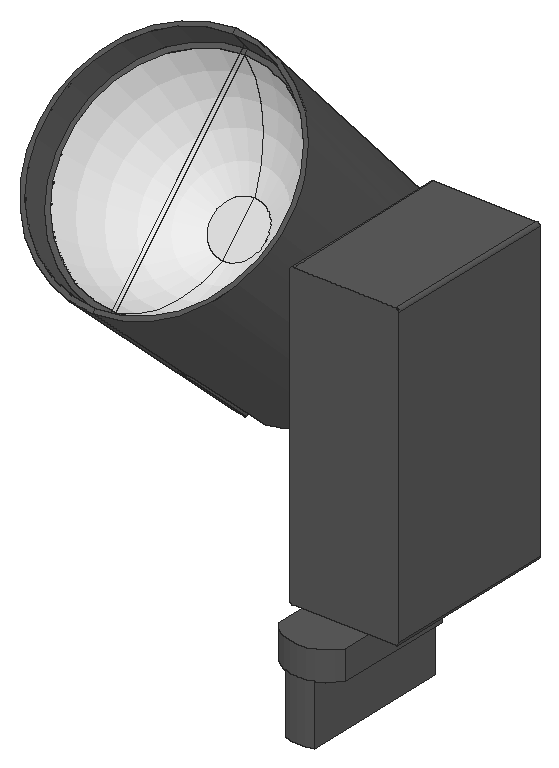
Revit family "0004894 Feilo Sylvania Lighting Fixture START TRACK SPOT L 55W 3K RA90 WB BLACK", category Lighting Fixtures, host Face, Revit 2017 (continued)
Definition of nested family "Start Track Spot Head"
  Types (96, lengths in mm): name | Wattage | built-in parameter 1150134 | Photometric Web File | Model | built-in parameter 1150105 | Lumens | built-in parameter 1150107 | built-in parameter 1150106 | HeadThickness_FEILO | HeadRibOffset_FEILO | HeadRibDepth_FEILO | HeadRibCutWidth_FEILO | HeadRibCutOffset_FEILO | HeadReflectorRadius_FEILO | HeadReflectorOffset_FEILO | HeadLEDRadius_FEILO | HeadHeight_FEILO | HeadDiffusorOffset_FEILO | HeadDiaOut_FEILO | HeadDiaIn_FEILO | HeadAxisFromTop_FEILO | Emit from Circle Diameter | built-in parameter 1150104 | Description | Apparent Load
    0004864 START TRACK SPOT S 24W 3K RA90 WB WHITE | 24 W | (empty or 0) | "0004864.ies" | "START TRACK SPOT S 24W 3K RA90 WB WHITE" | 152.79 (stored number, unit not read) | 1920 lm | 3000 (stored number, unit not read) | 1.5279 (stored number, unit not read) | 1.5 | 4.179 | 55.714 | 7.167 | 50.87 | 50.588 | 55.714 | 9.556 | 117 | 9.435 | 86 | 77.477 | 69.354 | 77.477 | 7.4322 (stored number, unit not read) | "Integrated LED spotlight, Textured White - RAL9016, compact and minimalist design, ideal for retail applications, die-cast aluminium body, passive cooling heatsink. Beam angle: 64°, color temperature: 3000K , total system power: 24W, total fixture output: 1928 lm, LOR: 100%, colour rendering: Ra: 90 typical, LED Chromaticity: 3 step MacAdam ellipse, lifetime: >50000 hours at L70B50, energy class: A++, A+, A, IR/UV free light source without heat radiation, operating voltage: 220-240V / 50-60Hz, drive current: 600mA, electronic driver, non-dimmable, power factor: 0.95, electrical protection: Class II, Global Track 3 Phase adapter suitable for Global trac 3-circuit tracks, ingress protection rating: IP20, suitable for internal environment only, horizontal rotation: 355°, vertical tilt: 90°, dimensions: Ø86x140x200, weight: 0.966kg." | 24 VA
    0004863 START TRACK SPOT S 24W 3K RA90 MB WHITE | 24 W | (empty or 0) | "0004863.ies" | "START TRACK SPOT S 24W 3K RA90 MB WHITE" | 154.7 (stored number, unit not read) | 1944 lm | 3000 (stored number, unit not read) | 1.547 (stored number, unit not read) | 1.5 | 4.179 | 55.714 | 7.167 | 50.87 | 50.588 | 55.714 | 9.556 | 117 | 9.435 | 86 | 77.477 | 69.354 | 77.477 | 7.5251 (stored number, unit not read) | "Integrated LED spotlight, Textured White - RAL9016, compact and minimalist design, ideal for retail applications, die-cast aluminium body, passive cooling heatsink. Beam angle: 36°, color temperature: 3000K , total system power: 24W, total fixture output: 1944 lm, LOR: 100%, colour rendering: Ra: 90 typical, LED Chromaticity: 3 step MacAdam ellipse, lifetime: >50000 hours at L70B50, energy class: A++, A+, A, IR/UV free light source without heat radiation, operating voltage: 220-240V / 50-60Hz, drive current: 600mA, electronic driver, non-dimmable, power factor: 0.95, electrical protection: Class II, Global Track 3 Phase adapter suitable for Global trac 3-circuit tracks, ingress protection rating: IP20, suitable for internal environment only, horizontal rotation: 355°, vertical tilt: 90°, dimensions: Ø86x140x200, weight: 0.966kg." | 24 VA
    0004862 START TRACK SPOT S 24W 3K RA90 NB WHITE | 24 W | (empty or 0) | "0004862.ies" | "START TRACK SPOT S 24W 3K RA90 NB WHITE" | 158.52 (stored number, unit not read) | 1992 lm | 3000 (stored number, unit not read) | 1.5852 (stored number, unit not read) | 1.5 | 4.179 | 55.714 | 7.167 | 50.87 | 50.588 | 55.714 | 9.556 | 117 | 9.435 | 86 | 77.477 | 69.354 | 77.477 | 7.711 (stored number, unit not read) | "Integrated LED spotlight, Textured White - RAL9016, compact and minimalist design, ideal for retail applications, die-cast aluminium body, passive cooling heatsink. Beam angle: 12°, color temperature: 3000K , total system power: 24W, total fixture output: 1987 lm, LOR: 100%, colour rendering: Ra: 90 typical, LED Chromaticity: 3 step MacAdam ellipse, lifetime: >50000 hours at L70B50, energy class: A++, A+, A, IR/UV free light source without heat radiation, operating voltage: 220-240V / 50-60Hz, drive current: 600mA, electronic driver, non-dimmable, power factor: 0.95, electrical protection: Class II, Global Track 3 Phase adapter suitable for Global trac 3-circuit tracks, ingress protection rating: IP20, suitable for internal environment only, horizontal rotation: 355°, vertical tilt: 90°, dimensions: Ø86x140x200, weight: 0.966kg." | 24 VA
    0004861 START TRACK SPOT S 14W 3K RA90 WB WHITE | 14 W | (empty or 0) | "0004861.ies" | "START TRACK SPOT S 14W 3K RA90 WB WHITE" | 100.27 (stored number, unit not read) | 1260 lm | 3000 (stored number, unit not read) | 1.0027 (stored number, unit not read) | 1.5 | 4.179 | 55.714 | 7.167 | 50.87 | 50.588 | 55.714 | 9.556 | 117 | 9.435 | 86 | 77.477 | 69.354 | 77.477 | 8.3613 (stored number, unit not read) | "Integrated LED spotlight, Textured White - RAL9016, compact and minimalist design, ideal for retail applications, die-cast aluminium body, passive cooling heatsink. Beam angle: 64°, color temperature: 3000K , total system power: 14W, total fixture output: 1262 lm, LOR: 100%, colour rendering: Ra: 90 typical, LED Chromaticity: 3 step MacAdam ellipse, lifetime: >50000 hours at L70B50, energy class: A++, A+, A, IR/UV free light source without heat radiation, operating voltage: 220-240V / 50-60Hz, drive current: 350mA, electronic driver, non-dimmable, power factor: 0.92, electrical protection: Class II, Global Track 3 Phase adapter suitable for Global trac 3-circuit tracks, ingress protection rating: IP20, suitable for internal environment only, horizontal rotation: 355°, vertical tilt: 90°, dimensions: Ø86x140x200, weight: 0.940kg." | 14 VA
    0004860 START TRACK SPOT S 14W 3K RA90 MB WHITE | 14 W | (empty or 0) | "0004860.ies" | "START TRACK SPOT S 14W 3K RA90 MB WHITE" | 100.27 (stored number, unit not read) | 1260 lm | 3000 (stored number, unit not read) | 1.0027 (stored number, unit not read) | 1.5 | 4.179 | 55.714 | 7.167 | 50.87 | 50.588 | 55.714 | 9.556 | 117 | 9.435 | 86 | 77.477 | 69.354 | 77.477 | 8.3613 (stored number, unit not read) | "Integrated LED spotlight, Textured White - RAL9016, compact and minimalist design, ideal for retail applications, die-cast aluminium body, passive cooling heatsink. Beam angle: 36°, color temperature: 3000K , total system power: 14W, total fixture output: 1262 lm, LOR: 100%, colour rendering: Ra: 90 typical, LED Chromaticity: 3 step MacAdam ellipse, lifetime: >50000 hours at L70B50, energy class: A++, A+, A, IR/UV free light source without heat radiation, operating voltage: 220-240V / 50-60Hz, drive current: 350mA, electronic driver, non-dimmable, power factor: 0.92, electrical protection: Class II, Global Track 3 Phase adapter suitable for Global trac 3-circuit tracks, ingress protection rating: IP20, suitable for internal environment only, horizontal rotation: 355°, vertical tilt: 90°, dimensions: Ø86x140x200, weight: 0.940kg." | 14 VA
    0004859 START TRACK SPOT S 14W 3K RA90 NB WHITE | 14 W | (empty or 0) | "0004859.ies" | "START TRACK SPOT S 14W 3K RA90 NB WHITE" | 102.5 (stored number, unit not read) | 1288 lm | 3000 (stored number, unit not read) | 1.025 (stored number, unit not read) | 1.5 | 4.179 | 55.714 | 7.167 | 50.87 | 50.588 | 55.714 | 9.556 | 117 | 9.435 | 86 | 77.477 | 69.354 | 77.477 | 8.5471 (stored number, unit not read) | "Integrated LED spotlight, Textured White - RAL9016, compact and minimalist design, ideal for retail applications, die-cast aluminium body, passive cooling heatsink. Beam angle: 12°, color temperature: 3000K , total system power: 14W, total fixture output: 1284 lm, LOR: 100%, colour rendering: Ra: 90 typical, LED Chromaticity: 3 step MacAdam ellipse, lifetime: >50000 hours at L70B50, energy class: A++, A+, A, IR/UV free light source without heat radiation, operating voltage: 220-240V / 50-60Hz, drive current: 350mA, electronic driver, non-dimmable, power factor: 0.92, electrical protection: Class II, Global Track 3 Phase adapter suitable for Global trac 3-circuit tracks, ingress protection rating: IP20, suitable for internal environment only, horizontal rotation: 355°, vertical tilt: 90°, dimensions: Ø86x140x200, weight: 0.940kg." | 14 VA
    0004858 START TRACK SPOT L 55W 4K RA80 WB BLACK | 55 W | 12 | "0004858.ies" | "START TRACK SPOT L 55W 4K RA80 WB BLACK" | 424.55 (stored number, unit not read) | 5335 lm | 4000 (stored number, unit not read) | 4.2455 (stored number, unit not read) | 2 | 4.429 | 59.048 | 9.417 | 53.913 | 66.471 | 59.048 | 12.556 | 124 | 10 | 113 | 101.802 | 73.503 | 101.802 | 9.0116 (stored number, unit not read) | "Integrated LED spotlight, Textured Black - RAL9005, compact and minimalist design, ideal for retail applications, die-cast aluminium body, passive cooling heatsink. Beam angle: 52°, color temperature: 4000K , total system power: 55W, total fixture output: 5320 lm, LOR: 100%, colour rendering: Ra: 80 typical, LED Chromaticity: 3 step MacAdam ellipse, lifetime: >50000 hours at L70B50, energy class: A++, A+, A, IR/UV free light source without heat radiation, operating voltage: 220-240V / 50-60Hz, drive current: 1400mA, electronic driver, non-dimmable, power factor: 0.96, electrical protection: Class II, Global Track 3 Phase adapter suitable for Global trac 3-circuit tracks, ingress protection rating: IP20, suitable for internal environment only, horizontal rotation: 355°, vertical tilt: 90°, dimensions: Ø113x164x240, weight: 1.398kg." | 55 VA
    0004857 START TRACK SPOT L 55W 4K RA80 MB BLACK | 55 W | 12 | "0004857.ies" | "START TRACK SPOT L 55W 4K RA80 MB BLACK" | 428.92 (stored number, unit not read) | 5390 lm | 4000 (stored number, unit not read) | 4.2892 (stored number, unit not read) | 2 | 4.429 | 59.048 | 9.417 | 53.913 | 66.471 | 59.048 | 12.556 | 124 | 10 | 113 | 101.802 | 73.503 | 101.802 | 9.1045 (stored number, unit not read) | "Integrated LED spotlight, Textured Black - RAL9005, compact and minimalist design, ideal for retail applications, die-cast aluminium body, passive cooling heatsink. Beam angle: 38°, color temperature: 4000K , total system power: 55W, total fixture output: 5378 lm, LOR: 100%, colour rendering: Ra: 80 typical, LED Chromaticity: 3 step MacAdam ellipse, lifetime: >50000 hours at L70B50, energy class: A++, A+, A, IR/UV free light source without heat radiation, operating voltage: 220-240V / 50-60Hz, drive current: 1400mA, electronic driver, non-dimmable, power factor: 0.96, electrical protection: Class II, Global Track 3 Phase adapter suitable for Global trac 3-circuit tracks, ingress protection rating: IP20, suitable for internal environment only, horizontal rotation: 355°, vertical tilt: 90°, dimensions: Ø113x164x240, weight: 1.398kg." | 55 VA
    0004856 START TRACK SPOT L 55W 4K RA80 NB BLACK | 55 W | 12 | "0004856.ies" | "START TRACK SPOT L 55W 4K RA80 NB BLACK" | 433.3 (stored number, unit not read) | 5445 lm | 4000 (stored number, unit not read) | 4.333 (stored number, unit not read) | 2 | 4.429 | 59.048 | 9.417 | 53.913 | 66.471 | 59.048 | 12.556 | 124 | 10 | 113 | 101.802 | 73.503 | 101.802 | 9.1974 (stored number, unit not read) | "Integrated LED spotlight, Textured Black - RAL9005, compact and minimalist design, ideal for retail applications, die-cast aluminium body, passive cooling heatsink. Beam angle: 15°, color temperature: 4000K , total system power: 55W, total fixture output: 5426 lm, LOR: 100%, colour rendering: Ra: 80 typical, LED Chromaticity: 3 step MacAdam ellipse, lifetime: >50000 hours at L70B50, energy class: A++, A+, A, IR/UV free light source without heat radiation, operating voltage: 220-240V / 50-60Hz, drive current: 1400mA, electronic driver, non-dimmable, power factor: 0.96, electrical protection: Class II, Global Track 3 Phase adapter suitable for Global trac 3-circuit tracks, ingress protection rating: IP20, suitable for internal environment only, horizontal rotation: 355°, vertical tilt: 90°, dimensions: Ø113x164x240, weight: 1.398kg." | 55 VA
    0004855 START TRACK SPOT L 35W 4K RA80 WB BLACK | 35 W | 12 | "0004855.ies" | "START TRACK SPOT L 35W 4K RA80 WB BLACK" | 320.3 (stored number, unit not read) | 4025 lm | 4000 (stored number, unit not read) | 3.203 (stored number, unit not read) | 2 | 4.429 | 59.048 | 9.417 | 53.913 | 66.471 | 59.048 | 12.556 | 124 | 10 | 113 | 101.802 | 73.503 | 101.802 | 10.684 (stored number, unit not read) | "Integrated LED spotlight, Textured Black - RAL9005, compact and minimalist design, ideal for retail applications, die-cast aluminium body, passive cooling heatsink. Beam angle: 52°, color temperature: 4000K , total system power: 35W, total fixture output: 4010 lm, LOR: 100%, colour rendering: Ra: 80 typical, LED Chromaticity: 3 step MacAdam ellipse, lifetime: >50000 hours at L70B50, energy class: A++, A+, A, IR/UV free light source without heat radiation, operating voltage: 220-240V / 50-60Hz, drive current: 900mA, electronic driver, non-dimmable, power factor: 0.93, electrical protection: Class II, Global Track 3 Phase adapter suitable for Global trac 3-circuit tracks, ingress protection rating: IP20, suitable for internal environment only, horizontal rotation: 355°, vertical tilt: 90°, dimensions: Ø113x164x240, weight: 1.368kg." | 35 VA
    0004854 START TRACK SPOT L 35W 4K RA80 MB BLACK | 35 W | 12 | "0004854.ies" | "START TRACK SPOT L 35W 4K RA80 MB BLACK" | 320.3 (stored number, unit not read) | 4025 lm | 4000 (stored number, unit not read) | 3.203 (stored number, unit not read) | 2 | 4.429 | 59.048 | 9.417 | 53.913 | 66.471 | 59.048 | 12.556 | 124 | 10 | 113 | 101.802 | 73.503 | 101.802 | 10.684 (stored number, unit not read) | "Integrated LED spotlight, Textured Black - RAL9005, compact and minimalist design, ideal for retail applications, die-cast aluminium body, passive cooling heatsink. Beam angle: 38°, color temperature: 4000K , total system power: 35W, total fixture output: 4017 lm, LOR: 100%, colour rendering: Ra: 80 typical, LED Chromaticity: 3 step MacAdam ellipse, lifetime: >50000 hours at L70B50, energy class: A++, A+, A, IR/UV free light source without heat radiation, operating voltage: 220-240V / 50-60Hz, drive current: 900mA, electronic driver, non-dimmable, power factor: 0.93, electrical protection: Class II, Global Track 3 Phase adapter suitable for Global trac 3-circuit tracks, ingress protection rating: IP20, suitable for internal environment only, horizontal rotation: 355°, vertical tilt: 90°, dimensions: Ø113x164x240, weight: 1.368kg." | 35 VA
    0004853 START TRACK SPOT L 35W 4K RA80 NB BLACK | 35 W | 12 | "0004853.ies" | "START TRACK SPOT L 35W 4K RA80 NB BLACK" | 331.44 (stored number, unit not read) | 4165 lm | 4000 (stored number, unit not read) | 3.3144 (stored number, unit not read) | 2 | 4.429 | 59.048 | 9.417 | 53.913 | 66.471 | 59.048 | 12.556 | 124 | 10 | 113 | 101.802 | 73.503 | 101.802 | 11.055 (stored number, unit not read) | "Integrated LED spotlight, Textured Black - RAL9005, compact and minimalist design, ideal for retail applications, die-cast aluminium body, passive cooling heatsink. Beam angle: 15°, color temperature: 4000K , total system power: 35W, total fixture output: 4174 lm, LOR: 100%, colour rendering: Ra: 80 typical, LED Chromaticity: 3 step MacAdam ellipse, lifetime: >50000 hours at L70B50, energy class: A++, A+, A, IR/UV free light source without heat radiation, operating voltage: 220-240V / 50-60Hz, drive current: 900mA, electronic driver, non-dimmable, power factor: 0.93, electrical protection: Class II, Global Track 3 Phase adapter suitable for Global trac 3-circuit tracks, ingress protection rating: IP20, suitable for internal environment only, horizontal rotation: 355°, vertical tilt: 90°, dimensions: Ø113x164x240, weight: 1.368kg." | 35 VA
    0004852 START TRACK SPOT S 24W 4K RA80 WB BLACK | 24 W | 12 | "0004852.ies" | "START TRACK SPOT S 24W 4K RA80 WB BLACK" | 196.72 (stored number, unit not read) | 2472 lm | 4000 (stored number, unit not read) | 1.9672 (stored number, unit not read) | 1.5 | 4.179 | 55.714 | 7.167 | 50.87 | 50.588 | 55.714 | 9.556 | 117 | 9.435 | 86 | 77.477 | 69.354 | 77.477 | 9.569 (stored number, unit not read) | "Integrated LED spotlight, Textured Black - RAL9005, compact and minimalist design, ideal for retail applications, die-cast aluminium body, passive cooling heatsink. Beam angle: 64°, color temperature: 4000K , total system power: 24W, total fixture output: 2476 lm, LOR: 100%, colour rendering: Ra: 80 typical, LED Chromaticity: 3 step MacAdam ellipse, lifetime: >50000 hours at L70B50, energy class: A++, A+, A, IR/UV free light source without heat radiation, operating voltage: 220-240V / 50-60Hz, drive current: 600mA, electronic driver, non-dimmable, power factor: 0.95, electrical protection: Class II, Global Track 3 Phase adapter suitable for Global trac 3-circuit tracks, ingress protection rating: IP20, suitable for internal environment only, horizontal rotation: 355°, vertical tilt: 90°, dimensions: Ø86x140x200, weight: 0.966kg." | 24 VA
    0004851 START TRACK SPOT S 24W 4K RA80 MB BLACK | 24 W | 12 | "0004851.ies" | "START TRACK SPOT S 24W 4K RA80 MB BLACK" | 198.63 (stored number, unit not read) | 2496 lm | 4000 (stored number, unit not read) | 1.9863 (stored number, unit not read) | 1.5 | 4.179 | 55.714 | 7.167 | 50.87 | 50.588 | 55.714 | 9.556 | 117 | 9.435 | 86 | 77.477 | 69.354 | 77.477 | 9.6619 (stored number, unit not read) | "Integrated LED spotlight, Textured Black - RAL9005, compact and minimalist design, ideal for retail applications, die-cast aluminium body, passive cooling heatsink. Beam angle: 36°, color temperature: 4000K , total system power: 24W, total fixture output: 2487 lm, LOR: 100%, colour rendering: Ra: 80 typical, LED Chromaticity: 3 step MacAdam ellipse, lifetime: >50000 hours at L70B50, energy class: A++, A+, A, IR/UV free light source without heat radiation, operating voltage: 220-240V / 50-60Hz, drive current: 600mA, electronic driver, non-dimmable, power factor: 0.95, electrical protection: Class II, Global Track 3 Phase adapter suitable for Global trac 3-circuit tracks, ingress protection rating: IP20, suitable for internal environment only, horizontal rotation: 355°, vertical tilt: 90°, dimensions: Ø86x140x200, weight: 0.966kg." | 24 VA
    0004850 START TRACK SPOT S 24W 4K RA80 NB BLACK | 24 W | 12 | "0004850.ies" | "START TRACK SPOT S 24W 4K RA80 NB BLACK" | 200.54 (stored number, unit not read) | 2520 lm | 4000 (stored number, unit not read) | 2.0054 (stored number, unit not read) | 1.5 | 4.179 | 55.714 | 7.167 | 50.87 | 50.588 | 55.714 | 9.556 | 117 | 9.435 | 86 | 77.477 | 69.354 | 77.477 | 9.7548 (stored number, unit not read) | "Integrated LED spotlight, Textured Black - RAL9005, compact and minimalist design, ideal for retail applications, die-cast aluminium body, passive cooling heatsink. Beam angle: 12°, color temperature: 4000K , total system power: 24W, total fixture output: 2529 lm, LOR: 100%, colour rendering: Ra: 80 typical, LED Chromaticity: 3 step MacAdam ellipse, lifetime: >50000 hours at L70B50, energy class: A++, A+, A, IR/UV free light source without heat radiation, operating voltage: 220-240V / 50-60Hz, drive current: 600mA, electronic driver, non-dimmable, power factor: 0.95, electrical protection: Class II, Global Track 3 Phase adapter suitable for Global trac 3-circuit tracks, ingress protection rating: IP20, suitable for internal environment only, horizontal rotation: 355°, vertical tilt: 90°, dimensions: Ø86x140x200, weight: 0.966kg." | 24 VA
    0004849 START TRACK SPOT S 14W 4K RA80 WB BLACK | 14 W | 12 | "0004849.ies" | "START TRACK SPOT S 14W 4K RA80 WB BLACK" | 123.66 (stored number, unit not read) | 1554 lm | 4000 (stored number, unit not read) | 1.2366 (stored number, unit not read) | 1.5 | 4.179 | 55.714 | 7.167 | 50.87 | 50.588 | 55.714 | 9.556 | 117 | 9.435 | 86 | 77.477 | 69.354 | 77.477 | 10.312 (stored number, unit not read) | "Integrated LED spotlight, Textured Black - RAL9005, compact and minimalist design, ideal for retail applications, die-cast aluminium body, passive cooling heatsink. Beam angle: 64°, color temperature: 4000K , total system power: 14W, total fixture output: 1558 lm, LOR: 100%, colour rendering: Ra: 80 typical, LED Chromaticity: 3 step MacAdam ellipse, lifetime: >50000 hours at L70B50, energy class: A++, A+, A, IR/UV free light source without heat radiation, operating voltage: 220-240V / 50-60Hz, drive current: 350mA, electronic driver, non-dimmable, power factor: 0.92, electrical protection: Class II, Global Track 3 Phase adapter suitable for Global trac 3-circuit tracks, ingress protection rating: IP20, suitable for internal environment only, horizontal rotation: 355°, vertical tilt: 90°, dimensions: Ø86x140x200, weight: 0.940kg." | 14 VA
    0004848 START TRACK SPOT S 14W 4K RA80 MB BLACK | 14 W | 12 | "0004848.ies" | "START TRACK SPOT S 14W 4K RA80 MB BLACK" | 127.01 (stored number, unit not read) | 1596 lm | 4000 (stored number, unit not read) | 1.2701 (stored number, unit not read) | 1.5 | 4.179 | 55.714 | 7.167 | 50.87 | 50.588 | 55.714 | 9.556 | 117 | 9.435 | 86 | 77.477 | 69.354 | 77.477 | 10.591 (stored number, unit not read) | "Integrated LED spotlight, Textured Black - RAL9005, compact and minimalist design, ideal for retail applications, die-cast aluminium body, passive cooling heatsink. Beam angle: 36°, color temperature: 4000K , total system power: 14W, total fixture output: 1598 lm, LOR: 100%, colour rendering: Ra: 80 typical, LED Chromaticity: 3 step MacAdam ellipse, lifetime: >50000 hours at L70B50, energy class: A++, A+, A, IR/UV free light source without heat radiation, operating voltage: 220-240V / 50-60Hz, drive current: 350mA, electronic driver, non-dimmable, power factor: 0.92, electrical protection: Class II, Global Track 3 Phase adapter suitable for Global trac 3-circuit tracks, ingress protection rating: IP20, suitable for internal environment only, horizontal rotation: 355°, vertical tilt: 90°, dimensions: Ø86x140x200, weight: 0.940kg." | 14 VA
    0004847 START TRACK SPOT S 14W 4K RA80 NB BLACK | 14 W | 12 | "0004847.ies" | "START TRACK SPOT S 14W 4K RA80 NB BLACK" | 128.12 (stored number, unit not read) | 1610 lm | 4000 (stored number, unit not read) | 1.2812 (stored number, unit not read) | 1.5 | 4.179 | 55.714 | 7.167 | 50.87 | 50.588 | 55.714 | 9.556 | 117 | 9.435 | 86 | 77.477 | 69.354 | 77.477 | 10.684 (stored number, unit not read) | "Integrated LED spotlight, Textured Black - RAL9005, compact and minimalist design, ideal for retail applications, die-cast aluminium body, passive cooling heatsink. Beam angle: 12°, color temperature: 4000K , total system power: 14W, total fixture output: 1608 lm, LOR: 100%, colour rendering: Ra: 80 typical, LED Chromaticity: 3 step MacAdam ellipse, lifetime: >50000 hours at L70B50, energy class: A++, A+, A, IR/UV free light source without heat radiation, operating voltage: 220-240V / 50-60Hz, drive current: 350mA, electronic driver, non-dimmable, power factor: 0.92, electrical protection: Class II, Global Track 3 Phase adapter suitable for Global trac 3-circuit tracks, ingress protection rating: IP20, suitable for internal environment only, horizontal rotation: 355°, vertical tilt: 90°, dimensions: Ø86x140x200, weight: 0.940kg." | 14 VA
    0004846 START TRACK SPOT L 55W 3K RA80 WB BLACK | 55 W | (empty or 0) | "0004846.ies" | "START TRACK SPOT L 55W 3K RA80 WB BLACK" | 420.17 (stored number, unit not read) | 5280 lm | 3000 (stored number, unit not read) | 4.2017 (stored number, unit not read) | 2 | 4.429 | 59.048 | 9.417 | 53.913 | 66.471 | 59.048 | 12.556 | 124 | 10 | 113 | 101.802 | 73.503 | 101.802 | 8.9187 (stored number, unit not read) | "Integrated LED spotlight, Textured Black - RAL9005, compact and minimalist design, ideal for retail applications, die-cast aluminium body, passive cooling heatsink. Beam angle: 52°, color temperature: 3000K , total system power: 55W, total fixture output: 5298 lm, LOR: 100%, colour rendering: Ra: 80 typical, LED Chromaticity: 3 step MacAdam ellipse, lifetime: >50000 hours at L70B50, energy class: A++, A+, A, IR/UV free light source without heat radiation, operating voltage: 220-240V / 50-60Hz, drive current: 1400mA, electronic driver, non-dimmable, power factor: 0.96, electrical protection: Class II, Global Track 3 Phase adapter suitable for Global trac 3-circuit tracks, ingress protection rating: IP20, suitable for internal environment only, horizontal rotation: 355°, vertical tilt: 90°, dimensions: Ø113x164x240, weight: 1.398kg." | 55 VA
    0004845 START TRACK SPOT L 55W 3K RA80 MB BLACK | 55 W | (empty or 0) | "0004845.ies" | "START TRACK SPOT L 55W 3K RA80 MB BLACK" | 428.92 (stored number, unit not read) | 5390 lm | 3000 (stored number, unit not read) | 4.2892 (stored number, unit not read) | 2 | 4.429 | 59.048 | 9.417 | 53.913 | 66.471 | 59.048 | 12.556 | 124 | 10 | 113 | 101.802 | 73.503 | 101.802 | 9.1045 (stored number, unit not read) | "Integrated LED spotlight, Textured Black - RAL9005, compact and minimalist design, ideal for retail applications, die-cast aluminium body, passive cooling heatsink. Beam angle: 38°, color temperature: 3000K , total system power: 55W, total fixture output: 5381 lm, LOR: 100%, colour rendering: Ra: 80 typical, LED Chromaticity: 3 step MacAdam ellipse, lifetime: >50000 hours at L70B50, energy class: A++, A+, A, IR/UV free light source without heat radiation, operating voltage: 220-240V / 50-60Hz, drive current: 1400mA, electronic driver, non-dimmable, power factor: 0.96, electrical protection: Class II, Global Track 3 Phase adapter suitable for Global trac 3-circuit tracks, ingress protection rating: IP20, suitable for internal environment only, horizontal rotation: 355°, vertical tilt: 90°, dimensions: Ø113x164x240, weight: 1.398kg." | 55 VA
    0004844 START TRACK SPOT L 55W 3K RA80 NB BLACK | 55 W | (empty or 0) | "0004844.ies" | "START TRACK SPOT L 55W 3K RA80 NB BLACK" | 433.3 (stored number, unit not read) | 5445 lm | 3000 (stored number, unit not read) | 4.333 (stored number, unit not read) | 2 | 4.429 | 59.048 | 9.417 | 53.913 | 66.471 | 59.048 | 12.556 | 124 | 10 | 113 | 101.802 | 73.503 | 101.802 | 9.1974 (stored number, unit not read) | "Integrated LED spotlight, Textured Black - RAL9005, compact and minimalist design, ideal for retail applications, die-cast aluminium body, passive cooling heatsink. Beam angle: 15°, color temperature: 3000K , total system power: 55W, total fixture output: 5449 lm, LOR: 100%, colour rendering: Ra: 80 typical, LED Chromaticity: 3 step MacAdam ellipse, lifetime: >50000 hours at L70B50, energy class: A++, A+, A, IR/UV free light source without heat radiation, operating voltage: 220-240V / 50-60Hz, drive current: 1400mA, electronic driver, non-dimmable, power factor: 0.96, electrical protection: Class II, Global Track 3 Phase adapter suitable for Global trac 3-circuit tracks, ingress protection rating: IP20, suitable for internal environment only, horizontal rotation: 355°, vertical tilt: 90°, dimensions: Ø113x164x240, weight: 1.398kg." | 55 VA
    0004843 START TRACK SPOT L 35W 3K RA80 WB BLACK | 35 W | (empty or 0) | "0004843.ies" | "START TRACK SPOT L 35W 3K RA80 WB BLACK" | 314.73 (stored number, unit not read) | 3955 lm | 3000 (stored number, unit not read) | 3.1473 (stored number, unit not read) | 2 | 4.429 | 59.048 | 9.417 | 53.913 | 66.471 | 59.048 | 12.556 | 124 | 10 | 113 | 101.802 | 73.503 | 101.802 | 10.498 (stored number, unit not read) | "Integrated LED spotlight, Textured Black - RAL9005, compact and minimalist design, ideal for retail applications, die-cast aluminium body, passive cooling heatsink. Beam angle: 52°, color temperature: 3000K , total system power: 35W, total fixture output: 3943 lm, LOR: 100%, colour rendering: Ra: 80 typical, LED Chromaticity: 3 step MacAdam ellipse, lifetime: >50000 hours at L70B50, energy class: A++, A+, A, IR/UV free light source without heat radiation, operating voltage: 220-240V / 50-60Hz, drive current: 900mA, electronic driver, non-dimmable, power factor: 0.93, electrical protection: Class II, Global Track 3 Phase adapter suitable for Global trac 3-circuit tracks, ingress protection rating: IP20, suitable for internal environment only, horizontal rotation: 355°, vertical tilt: 90°, dimensions: Ø113x164x240, weight: 1.368kg." | 35 VA
    0004842 START TRACK SPOT L 35W 3K RA80 MB BLACK | 35 W | (empty or 0) | "0004842.ies" | "START TRACK SPOT L 35W 3K RA80 MB BLACK" | 320.3 (stored number, unit not read) | 4025 lm | 3000 (stored number, unit not read) | 3.203 (stored number, unit not read) | 2 | 4.429 | 59.048 | 9.417 | 53.913 | 66.471 | 59.048 | 12.556 | 124 | 10 | 113 | 101.802 | 73.503 | 101.802 | 10.684 (stored number, unit not read) | "Integrated LED spotlight, Textured Black - RAL9005, compact and minimalist design, ideal for retail applications, die-cast aluminium body, passive cooling heatsink. Beam angle: 38°, color temperature: 3000K , total system power: 35W, total fixture output: 4008 lm, LOR: 100%, colour rendering: Ra: 80 typical, LED Chromaticity: 3 step MacAdam ellipse, lifetime: >50000 hours at L70B50, energy class: A++, A+, A, IR/UV free light source without heat radiation, operating voltage: 220-240V / 50-60Hz, drive current: 900mA, electronic driver, non-dimmable, power factor: 0.93, electrical protection: Class II, Global Track 3 Phase adapter suitable for Global trac 3-circuit tracks, ingress protection rating: IP20, suitable for internal environment only, horizontal rotation: 355°, vertical tilt: 90°, dimensions: Ø113x164x240, weight: 1.368kg." | 35 VA
    0004841 START TRACK SPOT L 35W 3K RA80 NB BLACK | 35 W | (empty or 0) | "0004841.ies" | "START TRACK SPOT L 35W 3K RA80 NB BLACK" | 317.51 (stored number, unit not read) | 3990 lm | 3000 (stored number, unit not read) | 3.1751 (stored number, unit not read) | 2 | 4.429 | 59.048 | 9.417 | 53.913 | 66.471 | 59.048 | 12.556 | 124 | 10 | 113 | 101.802 | 73.503 | 101.802 | 10.591 (stored number, unit not read) | "Integrated LED spotlight, Textured Black - RAL9005, compact and minimalist design, ideal for retail applications, die-cast aluminium body, passive cooling heatsink. Beam angle: 15°, color temperature: 3000K , total system power: 35W, total fixture output: 4005 lm, LOR: 100%, colour rendering: Ra: 80 typical, LED Chromaticity: 3 step MacAdam ellipse, lifetime: >50000 hours at L70B50, energy class: A++, A+, A, IR/UV free light source without heat radiation, operating voltage: 220-240V / 50-60Hz, drive current: 900mA, electronic driver, non-dimmable, power factor: 0.93, electrical protection: Class II, Global Track 3 Phase adapter suitable for Global trac 3-circuit tracks, ingress protection rating: IP20, suitable for internal environment only, horizontal rotation: 355°, vertical tilt: 90°, dimensions: Ø113x164x240, weight: 1.368kg." | 35 VA
    0004840 START TRACK SPOT S 24W 3K RA80 WB BLACK | 24 W | (empty or 0) | "0004840.ies" | "START TRACK SPOT S 24W 3K RA80 WB BLACK" | 185.26 (stored number, unit not read) | 2328 lm | 3000 (stored number, unit not read) | 1.8526 (stored number, unit not read) | 1.5 | 4.179 | 55.714 | 7.167 | 50.87 | 50.588 | 55.714 | 9.556 | 117 | 9.435 | 86 | 77.477 | 69.354 | 77.477 | 9.0116 (stored number, unit not read) | "Integrated LED spotlight, Textured Black - RAL9005, compact and minimalist design, ideal for retail applications, die-cast aluminium body, passive cooling heatsink. Beam angle: 64°, color temperature: 3000K , total system power: 24W, total fixture output: 2318 lm, LOR: 100%, colour rendering: Ra: 80 typical, LED Chromaticity: 3 step MacAdam ellipse, lifetime: >50000 hours at L70B50, energy class: A++, A+, A, IR/UV free light source without heat radiation, operating voltage: 220-240V / 50-60Hz, drive current: 600mA, electronic driver, non-dimmable, power factor: 0.95, electrical protection: Class II, Global Track 3 Phase adapter suitable for Global trac 3-circuit tracks, ingress protection rating: IP20, suitable for internal environment only, horizontal rotation: 355°, vertical tilt: 90°, dimensions: Ø86x140x200, weight: 0.966kg." | 24 VA
    0004839 START TRACK SPOT S 24W 3K RA80 MB BLACK | 24 W | (empty or 0) | "0004839.ies" | "START TRACK SPOT S 24W 3K RA80 MB BLACK" | 183.35 (stored number, unit not read) | 2304 lm | 3000 (stored number, unit not read) | 1.8335 (stored number, unit not read) | 1.5 | 4.179 | 55.714 | 7.167 | 50.87 | 50.588 | 55.714 | 9.556 | 117 | 9.435 | 86 | 77.477 | 69.354 | 77.477 | 8.9187 (stored number, unit not read) | "Integrated LED spotlight, Textured Black - RAL9005, compact and minimalist design, ideal for retail applications, die-cast aluminium body, passive cooling heatsink. Beam angle: 36°, color temperature: 3000K , total system power: 24W, total fixture output: 2314 lm, LOR: 100%, colour rendering: Ra: 80 typical, LED Chromaticity: 3 step MacAdam ellipse, lifetime: >50000 hours at L70B50, energy class: A++, A+, A, IR/UV free light source without heat radiation, operating voltage: 220-240V / 50-60Hz, drive current: 600mA, electronic driver, non-dimmable, power factor: 0.95, electrical protection: Class II, Global Track 3 Phase adapter suitable for Global trac 3-circuit tracks, ingress protection rating: IP20, suitable for internal environment only, horizontal rotation: 355°, vertical tilt: 90°, dimensions: Ø86x140x200, weight: 0.966kg." | 24 VA
    0004838 START TRACK SPOT S 24W 3K RA80 NB BLACK | 24 W | (empty or 0) | "0004838.ies" | "START TRACK SPOT S 24W 3K RA80 NB BLACK" | 185.26 (stored number, unit not read) | 2328 lm | 3000 (stored number, unit not read) | 1.8526 (stored number, unit not read) | 1.5 | 4.179 | 55.714 | 7.167 | 50.87 | 50.588 | 55.714 | 9.556 | 117 | 9.435 | 86 | 77.477 | 69.354 | 77.477 | 9.0116 (stored number, unit not read) | "Integrated LED spotlight, Textured Black - RAL9005, compact and minimalist design, ideal for retail applications, die-cast aluminium body, passive cooling heatsink. Beam angle: 12°, color temperature: 3000K , total system power: 24W, total fixture output: 2334 lm, LOR: 100%, colour rendering: Ra: 80 typical, LED Chromaticity: 3 step MacAdam ellipse, lifetime: >50000 hours at L70B50, energy class: A++, A+, A, IR/UV free light source without heat radiation, operating voltage: 220-240V / 50-60Hz, drive current: 600mA, electronic driver, non-dimmable, power factor: 0.95, electrical protection: Class II, Global Track 3 Phase adapter suitable for Global trac 3-circuit tracks, ingress protection rating: IP20, suitable for internal environment only, horizontal rotation: 355°, vertical tilt: 90°, dimensions: Ø86x140x200, weight: 0.966kg." | 24 VA
    0004837 START TRACK SPOT S 14W 3K RA80 WB BLACK | 14 W | (empty or 0) | "0004837.ies" | "START TRACK SPOT S 14W 3K RA80 WB BLACK" | 119.21 (stored number, unit not read) | 1498 lm | 3000 (stored number, unit not read) | 1.1921 (stored number, unit not read) | 1.5 | 4.179 | 55.714 | 7.167 | 50.87 | 50.588 | 55.714 | 9.556 | 117 | 9.435 | 86 | 77.477 | 69.354 | 77.477 | 9.9406 (stored number, unit not read) | "Integrated LED spotlight, Textured Black - RAL9005, compact and minimalist design, ideal for retail applications, die-cast aluminium body, passive cooling heatsink. Beam angle: 64°, color temperature: 3000K , total system power: 14W, total fixture output: 1498 lm, LOR: 100%, colour rendering: Ra: 80 typical, LED Chromaticity: 3 step MacAdam ellipse, lifetime: >50000 hours at L70B50, energy class: A++, A+, A, IR/UV free light source without heat radiation, operating voltage: 220-240V / 50-60Hz, drive current: 350mA, electronic driver, non-dimmable, power factor: 0.92, electrical protection: Class II, Global Track 3 Phase adapter suitable for Global trac 3-circuit tracks, ingress protection rating: IP20, suitable for internal environment only, horizontal rotation: 355°, vertical tilt: 90°, dimensions: Ø86x140x200, weight: 0.940kg." | 14 VA
    0004836 START TRACK SPOT S 14W 3K RA80 MB BLACK | 14 W | (empty or 0) | "0004836.ies" | "START TRACK SPOT S 14W 3K RA80 MB BLACK" | 120.32 (stored number, unit not read) | 1512 lm | 3000 (stored number, unit not read) | 1.2032 (stored number, unit not read) | 1.5 | 4.179 | 55.714 | 7.167 | 50.87 | 50.588 | 55.714 | 9.556 | 117 | 9.435 | 86 | 77.477 | 69.354 | 77.477 | 10.034 (stored number, unit not read) | "Integrated LED spotlight, Textured Black - RAL9005, compact and minimalist design, ideal for retail applications, die-cast aluminium body, passive cooling heatsink. Beam angle: 36°, color temperature: 3000K , total system power: 14W, total fixture output: 1508 lm, LOR: 100%, colour rendering: Ra: 80 typical, LED Chromaticity: 3 step MacAdam ellipse, lifetime: >50000 hours at L70B50, energy class: A++, A+, A, IR/UV free light source without heat radiation, operating voltage: 220-240V / 50-60Hz, drive current: 350mA, electronic driver, non-dimmable, power factor: 0.92, electrical protection: Class II, Global Track 3 Phase adapter suitable for Global trac 3-circuit tracks, ingress protection rating: IP20, suitable for internal environment only, horizontal rotation: 355°, vertical tilt: 90°, dimensions: Ø86x140x200, weight: 0.940kg." | 14 VA
    0004835 START TRACK SPOT S 14W 3K RA80 NB BLACK | 14 W | (empty or 0) | "0004835.ies" | "START TRACK SPOT S 14W 3K RA80 NB BLACK" | 123.66 (stored number, unit not read) | 1554 lm | 3000 (stored number, unit not read) | 1.2366 (stored number, unit not read) | 1.5 | 4.179 | 55.714 | 7.167 | 50.87 | 50.588 | 55.714 | 9.556 | 117 | 9.435 | 86 | 77.477 | 69.354 | 77.477 | 10.312 (stored number, unit not read) | "Integrated LED spotlight, Textured Black - RAL9005, compact and minimalist design, ideal for retail applications, die-cast aluminium body, passive cooling heatsink. Beam angle: 12°, color temperature: 3000K , total system power: 14W, total fixture output: 1551 lm, LOR: 100%, colour rendering: Ra: 80 typical, LED Chromaticity: 3 step MacAdam ellipse, lifetime: >50000 hours at L70B50, energy class: A++, A+, A, IR/UV free light source without heat radiation, operating voltage: 220-240V / 50-60Hz, drive current: 350mA, electronic driver, non-dimmable, power factor: 0.92, electrical protection: Class II, Global Track 3 Phase adapter suitable for Global trac 3-circuit tracks, ingress protection rating: IP20, suitable for internal environment only, horizontal rotation: 355°, vertical tilt: 90°, dimensions: Ø86x140x200, weight: 0.940kg." | 14 VA
    0004834 START TRACK SPOT L 55W 4K RA80 WB WHITE | 55 W | 12 | "0004834.ies" | "START TRACK SPOT L 55W 4K RA80 WB WHITE" | 424.55 (stored number, unit not read) | 5335 lm | 4000 (stored number, unit not read) | 4.2455 (stored number, unit not read) | 2 | 4.429 | 59.048 | 9.417 | 53.913 | 66.471 | 59.048 | 12.556 | 124 | 10 | 113 | 101.802 | 73.503 | 101.802 | 9.0116 (stored number, unit not read) | "Integrated LED spotlight, Textured White - RAL9016, compact and minimalist design, ideal for retail applications, die-cast aluminium body, passive cooling heatsink. Beam angle: 52°, color temperature: 4000K , total system power: 55W, total fixture output: 5320 lm, LOR: 100%, colour rendering: Ra: 80 typical, LED Chromaticity: 3 step MacAdam ellipse, lifetime: >50000 hours at L70B50, energy class: A++, A+, A, IR/UV free light source without heat radiation, operating voltage: 220-240V / 50-60Hz, drive current: 1400mA, electronic driver, non-dimmable, power factor: 0.96, electrical protection: Class II, Global Track 3 Phase adapter suitable for Global trac 3-circuit tracks, ingress protection rating: IP20, suitable for internal environment only, horizontal rotation: 355°, vertical tilt: 90°, dimensions: Ø113x164x240, weight: 1.398kg." | 55 VA
    0004833 START TRACK SPOT L 55W 4K RA80 MB WHITE | 55 W | 12 | "0004833.ies" | "START TRACK SPOT L 55W 4K RA80 MB WHITE" | 428.92 (stored number, unit not read) | 5390 lm | 4000 (stored number, unit not read) | 4.2892 (stored number, unit not read) | 2 | 4.429 | 59.048 | 9.417 | 53.913 | 66.471 | 59.048 | 12.556 | 124 | 10 | 113 | 101.802 | 73.503 | 101.802 | 9.1045 (stored number, unit not read) | "Integrated LED spotlight, Textured White - RAL9016, compact and minimalist design, ideal for retail applications, die-cast aluminium body, passive cooling heatsink. Beam angle: 38°, color temperature: 4000K , total system power: 55W, total fixture output: 5378 lm, LOR: 100%, colour rendering: Ra: 80 typical, LED Chromaticity: 3 step MacAdam ellipse, lifetime: >50000 hours at L70B50, energy class: A++, A+, A, IR/UV free light source without heat radiation, operating voltage: 220-240V / 50-60Hz, drive current: 1400mA, electronic driver, non-dimmable, power factor: 0.96, electrical protection: Class II, Global Track 3 Phase adapter suitable for Global trac 3-circuit tracks, ingress protection rating: IP20, suitable for internal environment only, horizontal rotation: 355°, vertical tilt: 90°, dimensions: Ø113x164x240, weight: 1.398kg." | 55 VA
    0004832 START TRACK SPOT L 55W 4K RA80 NB WHITE | 55 W | 12 | "0004832.ies" | "START TRACK SPOT L 55W 4K RA80 NB WHITE" | 433.3 (stored number, unit not read) | 5445 lm | 4000 (stored number, unit not read) | 4.333 (stored number, unit not read) | 2 | 4.429 | 59.048 | 9.417 | 53.913 | 66.471 | 59.048 | 12.556 | 124 | 10 | 113 | 101.802 | 73.503 | 101.802 | 9.1974 (stored number, unit not read) | "Integrated LED spotlight, Textured White - RAL9016, compact and minimalist design, ideal for retail applications, die-cast aluminium body, passive cooling heatsink. Beam angle: 15°, color temperature: 4000K , total system power: 55W, total fixture output: 5426 lm, LOR: 100%, colour rendering: Ra: 80 typical, LED Chromaticity: 3 step MacAdam ellipse, lifetime: >50000 hours at L70B50, energy class: A++, A+, A, IR/UV free light source without heat radiation, operating voltage: 220-240V / 50-60Hz, drive current: 1400mA, electronic driver, non-dimmable, power factor: 0.96, electrical protection: Class II, Global Track 3 Phase adapter suitable for Global trac 3-circuit tracks, ingress protection rating: IP20, suitable for internal environment only, horizontal rotation: 355°, vertical tilt: 90°, dimensions: Ø113x164x240, weight: 1.398kg." | 55 VA
    0004831 START TRACK SPOT L 35W 4K RA80 WB WHITE | 35 W | 12 | "0004831.ies" | "START TRACK SPOT L 35W 4K RA80 WB WHITE" | 320.3 (stored number, unit not read) | 4025 lm | 4000 (stored number, unit not read) | 3.203 (stored number, unit not read) | 2 | 4.429 | 59.048 | 9.417 | 53.913 | 66.471 | 59.048 | 12.556 | 124 | 10 | 113 | 101.802 | 73.503 | 101.802 | 10.684 (stored number, unit not read) | "Integrated LED spotlight, Textured White - RAL9016, compact and minimalist design, ideal for retail applications, die-cast aluminium body, passive cooling heatsink. Beam angle: 52°, color temperature: 4000K , total system power: 35W, total fixture output: 4010 lm, LOR: 100%, colour rendering: Ra: 80 typical, LED Chromaticity: 3 step MacAdam ellipse, lifetime: >50000 hours at L70B50, energy class: A++, A+, A, IR/UV free light source without heat radiation, operating voltage: 220-240V / 50-60Hz, drive current: 900mA, electronic driver, non-dimmable, power factor: 0.93, electrical protection: Class II, Global Track 3 Phase adapter suitable for Global trac 3-circuit tracks, ingress protection rating: IP20, suitable for internal environment only, horizontal rotation: 355°, vertical tilt: 90°, dimensions: Ø113x164x240, weight: 1.368kg." | 35 VA
    0004830 START TRACK SPOT L 35W 4K RA80 MB WHITE | 35 W | 12 | "0004830.ies" | "START TRACK SPOT L 35W 4K RA80 MB WHITE" | 320.3 (stored number, unit not read) | 4025 lm | 4000 (stored number, unit not read) | 3.203 (stored number, unit not read) | 2 | 4.429 | 59.048 | 9.417 | 53.913 | 66.471 | 59.048 | 12.556 | 124 | 10 | 113 | 101.802 | 73.503 | 101.802 | 10.684 (stored number, unit not read) | "Integrated LED spotlight, Textured White - RAL9016, compact and minimalist design, ideal for retail applications, die-cast aluminium body, passive cooling heatsink. Beam angle: 38°, color temperature: 4000K , total system power: 35W, total fixture output: 4017 lm, LOR: 100%, colour rendering: Ra: 80 typical, LED Chromaticity: 3 step MacAdam ellipse, lifetime: >50000 hours at L70B50, energy class: A++, A+, A, IR/UV free light source without heat radiation, operating voltage: 220-240V / 50-60Hz, drive current: 900mA, electronic driver, non-dimmable, power factor: 0.93, electrical protection: Class II, Global Track 3 Phase adapter suitable for Global trac 3-circuit tracks, ingress protection rating: IP20, suitable for internal environment only, horizontal rotation: 355°, vertical tilt: 90°, dimensions: Ø113x164x240, weight: 1.368kg." | 35 VA
    0004829 START TRACK SPOT L 35W 4K RA80 NB WHITE | 35 W | 12 | "0004829.ies" | "START TRACK SPOT L 35W 4K RA80 NB WHITE" | 331.44 (stored number, unit not read) | 4165 lm | 4000 (stored number, unit not read) | 3.3144 (stored number, unit not read) | 2 | 4.429 | 59.048 | 9.417 | 53.913 | 66.471 | 59.048 | 12.556 | 124 | 10 | 113 | 101.802 | 73.503 | 101.802 | 11.055 (stored number, unit not read) | "Integrated LED spotlight, Textured White - RAL9016, compact and minimalist design, ideal for retail applications, die-cast aluminium body, passive cooling heatsink. Beam angle: 15°, color temperature: 4000K , total system power: 35W, total fixture output: 4174 lm, LOR: 100%, colour rendering: Ra: 80 typical, LED Chromaticity: 3 step MacAdam ellipse, lifetime: >50000 hours at L70B50, energy class: A++, A+, A, IR/UV free light source without heat radiation, operating voltage: 220-240V / 50-60Hz, drive current: 900mA, electronic driver, non-dimmable, power factor: 0.93, electrical protection: Class II, Global Track 3 Phase adapter suitable for Global trac 3-circuit tracks, ingress protection rating: IP20, suitable for internal environment only, horizontal rotation: 355°, vertical tilt: 90°, dimensions: Ø113x164x240, weight: 1.368kg." | 35 VA
    0004828 START TRACK SPOT S 24W 4K RA80 WB WHITE | 24 W | 12 | "0004828.ies" | "START TRACK SPOT S 24W 4K RA80 WB WHITE" | 196.72 (stored number, unit not read) | 2472 lm | 4000 (stored number, unit not read) | 1.9672 (stored number, unit not read) | 1.5 | 4.179 | 55.714 | 7.167 | 50.87 | 50.588 | 55.714 | 9.556 | 117 | 9.435 | 86 | 77.477 | 69.354 | 77.477 | 9.569 (stored number, unit not read) | "Integrated LED spotlight, Textured White - RAL9016, compact and minimalist design, ideal for retail applications, die-cast aluminium body, passive cooling heatsink. Beam angle: 64°, color temperature: 4000K , total system power: 24W, total fixture output: 2476 lm, LOR: 100%, colour rendering: Ra: 80 typical, LED Chromaticity: 3 step MacAdam ellipse, lifetime: >50000 hours at L70B50, energy class: A++, A+, A, IR/UV free light source without heat radiation, operating voltage: 220-240V / 50-60Hz, drive current: 600mA, electronic driver, non-dimmable, power factor: 0.95, electrical protection: Class II, Global Track 3 Phase adapter suitable for Global trac 3-circuit tracks, ingress protection rating: IP20, suitable for internal environment only, horizontal rotation: 355°, vertical tilt: 90°, dimensions: Ø86x140x200, weight: 0.966kg." | 24 VA
    0004827 START TRACK SPOT S 24W 4K RA80 MB WHITE | 24 W | 12 | "0004827.ies" | "START TRACK SPOT S 24W 4K RA80 MB WHITE" | 198.63 (stored number, unit not read) | 2496 lm | 4000 (stored number, unit not read) | 1.9863 (stored number, unit not read) | 1.5 | 4.179 | 55.714 | 7.167 | 50.87 | 50.588 | 55.714 | 9.556 | 117 | 9.435 | 86 | 77.477 | 69.354 | 77.477 | 9.6619 (stored number, unit not read) | "Integrated LED spotlight, Textured White - RAL9016, compact and minimalist design, ideal for retail applications, die-cast aluminium body, passive cooling heatsink. Beam angle: 36°, color temperature: 4000K , total system power: 24W, total fixture output: 2487 lm, LOR: 100%, colour rendering: Ra: 80 typical, LED Chromaticity: 3 step MacAdam ellipse, lifetime: >50000 hours at L70B50, energy class: A++, A+, A, IR/UV free light source without heat radiation, operating voltage: 220-240V / 50-60Hz, drive current: 600mA, electronic driver, non-dimmable, power factor: 0.95, electrical protection: Class II, Global Track 3 Phase adapter suitable for Global trac 3-circuit tracks, ingress protection rating: IP20, suitable for internal environment only, horizontal rotation: 355°, vertical tilt: 90°, dimensions: Ø86x140x200, weight: 0.966kg." | 24 VA
    0004826 START TRACK SPOT S 24W 4K RA80 NB WHITE | 24 W | 12 | "0004826.ies" | "START TRACK SPOT S 24W 4K RA80 NB WHITE" | 200.54 (stored number, unit not read) | 2520 lm | 4000 (stored number, unit not read) | 2.0054 (stored number, unit not read) | 1.5 | 4.179 | 55.714 | 7.167 | 50.87 | 50.588 | 55.714 | 9.556 | 117 | 9.435 | 86 | 77.477 | 69.354 | 77.477 | 9.7548 (stored number, unit not read) | "Integrated LED spotlight, Textured White - RAL9016, compact and minimalist design, ideal for retail applications, die-cast aluminium body, passive cooling heatsink. Beam angle: 12°, color temperature: 4000K , total system power: 24W, total fixture output: 2529 lm, LOR: 100%, colour rendering: Ra: 80 typical, LED Chromaticity: 3 step MacAdam ellipse, lifetime: >50000 hours at L70B50, energy class: A++, A+, A, IR/UV free light source without heat radiation, operating voltage: 220-240V / 50-60Hz, drive current: 600mA, electronic driver, non-dimmable, power factor: 0.95, electrical protection: Class II, Global Track 3 Phase adapter suitable for Global trac 3-circuit tracks, ingress protection rating: IP20, suitable for internal environment only, horizontal rotation: 355°, vertical tilt: 90°, dimensions: Ø86x140x200, weight: 0.966kg." | 24 VA
    0004825 START TRACK SPOT S 14W 4K RA80 WB WHITE | 14 W | 12 | "0004825.ies" | "START TRACK SPOT S 14W 4K RA80 WB WHITE" | 123.66 (stored number, unit not read) | 1554 lm | 4000 (stored number, unit not read) | 1.2366 (stored number, unit not read) | 1.5 | 4.179 | 55.714 | 7.167 | 50.87 | 50.588 | 55.714 | 9.556 | 117 | 9.435 | 86 | 77.477 | 69.354 | 77.477 | 10.312 (stored number, unit not read) | "Integrated LED spotlight, Textured White - RAL9016, compact and minimalist design, ideal for retail applications, die-cast aluminium body, passive cooling heatsink. Beam angle: 64°, color temperature: 4000K , total system power: 14W, total fixture output: 1558 lm, LOR: 100%, colour rendering: Ra: 80 typical, LED Chromaticity: 3 step MacAdam ellipse, lifetime: >50000 hours at L70B50, energy class: A++, A+, A, IR/UV free light source without heat radiation, operating voltage: 220-240V / 50-60Hz, drive current: 350mA, electronic driver, non-dimmable, power factor: 0.92, electrical protection: Class II, Global Track 3 Phase adapter suitable for Global trac 3-circuit tracks, ingress protection rating: IP20, suitable for internal environment only, horizontal rotation: 355°, vertical tilt: 90°, dimensions: Ø86x140x200, weight: 0.940kg." | 14 VA
    0004824 START TRACK SPOT S 14W 4K RA80 MB WHITE | 14 W | 12 | "0004824.ies" | "START TRACK SPOT S 14W 4K RA80 MB WHITE" | 127.01 (stored number, unit not read) | 1596 lm | 4000 (stored number, unit not read) | 1.2701 (stored number, unit not read) | 1.5 | 4.179 | 55.714 | 7.167 | 50.87 | 50.588 | 55.714 | 9.556 | 117 | 9.435 | 86 | 77.477 | 69.354 | 77.477 | 10.591 (stored number, unit not read) | "Integrated LED spotlight, Textured White - RAL9016, compact and minimalist design, ideal for retail applications, die-cast aluminium body, passive cooling heatsink. Beam angle: 36°, color temperature: 4000K , total system power: 14W, total fixture output: 1598 lm, LOR: 100%, colour rendering: Ra: 80 typical, LED Chromaticity: 3 step MacAdam ellipse, lifetime: >50000 hours at L70B50, energy class: A++, A+, A, IR/UV free light source without heat radiation, operating voltage: 220-240V / 50-60Hz, drive current: 350mA, electronic driver, non-dimmable, power factor: 0.92, electrical protection: Class II, Global Track 3 Phase adapter suitable for Global trac 3-circuit tracks, ingress protection rating: IP20, suitable for internal environment only, horizontal rotation: 355°, vertical tilt: 90°, dimensions: Ø86x140x200, weight: 0.940kg." | 14 VA
    0004823 START TRACK SPOT S 14W 4K RA80 NB WHITE | 14 W | 12 | "0004823.ies" | "START TRACK SPOT S 14W 4K RA80 NB WHITE" | 128.12 (stored number, unit not read) | 1610 lm | 4000 (stored number, unit not read) | 1.2812 (stored number, unit not read) | 1.5 | 4.179 | 55.714 | 7.167 | 50.87 | 50.588 | 55.714 | 9.556 | 117 | 9.435 | 86 | 77.477 | 69.354 | 77.477 | 10.684 (stored number, unit not read) | "Integrated LED spotlight, Textured White - RAL9016, compact and minimalist design, ideal for retail applications, die-cast aluminium body, passive cooling heatsink. Beam angle: 12°, color temperature: 4000K , total system power: 14W, total fixture output: 1608 lm, LOR: 100%, colour rendering: Ra: 80 typical, LED Chromaticity: 3 step MacAdam ellipse, lifetime: >50000 hours at L70B50, energy class: A++, A+, A, IR/UV free light source without heat radiation, operating voltage: 220-240V / 50-60Hz, drive current: 350mA, electronic driver, non-dimmable, power factor: 0.92, electrical protection: Class II, Global Track 3 Phase adapter suitable for Global trac 3-circuit tracks, ingress protection rating: IP20, suitable for internal environment only, horizontal rotation: 355°, vertical tilt: 90°, dimensions: Ø86x140x200, weight: 0.940kg." | 14 VA
    0004822 START TRACK SPOT L 55W 3K RA80 WB WHITE | 55 W | (empty or 0) | "0004822.ies" | "START TRACK SPOT L 55W 3K RA80 WB WHITE" | 420.17 (stored number, unit not read) | 5280 lm | 3000 (stored number, unit not read) | 4.2017 (stored number, unit not read) | 2 | 4.429 | 59.048 | 9.417 | 53.913 | 66.471 | 59.048 | 12.556 | 124 | 10 | 113 | 101.802 | 73.503 | 101.802 | 8.9187 (stored number, unit not read) | "Integrated LED spotlight, Textured White - RAL9016, compact and minimalist design, ideal for retail applications, die-cast aluminium body, passive cooling heatsink. Beam angle: 52°, color temperature: 3000K , total system power: 55W, total fixture output: 5298 lm, LOR: 100%, colour rendering: Ra: 80 typical, LED Chromaticity: 3 step MacAdam ellipse, lifetime: >50000 hours at L70B50, energy class: A++, A+, A, IR/UV free light source without heat radiation, operating voltage: 220-240V / 50-60Hz, drive current: 1400mA, electronic driver, non-dimmable, power factor: 0.96, electrical protection: Class II, Global Track 3 Phase adapter suitable for Global trac 3-circuit tracks, ingress protection rating: IP20, suitable for internal environment only, horizontal rotation: 355°, vertical tilt: 90°, dimensions: Ø113x164x240, weight: 1.398kg." | 55 VA
    0004821 START TRACK SPOT L 55W 3K RA80 MB WHITE | 55 W | (empty or 0) | "0004821.ies" | "START TRACK SPOT L 55W 3K RA80 MB WHITE" | 428.92 (stored number, unit not read) | 5390 lm | 3000 (stored number, unit not read) | 4.2892 (stored number, unit not read) | 2 | 4.429 | 59.048 | 9.417 | 53.913 | 66.471 | 59.048 | 12.556 | 124 | 10 | 113 | 101.802 | 73.503 | 101.802 | 9.1045 (stored number, unit not read) | "Integrated LED spotlight, Textured White - RAL9016, compact and minimalist design, ideal for retail applications, die-cast aluminium body, passive cooling heatsink. Beam angle: 38°, color temperature: 3000K , total system power: 55W, total fixture output: 5381 lm, LOR: 100%, colour rendering: Ra: 80 typical, LED Chromaticity: 3 step MacAdam ellipse, lifetime: >50000 hours at L70B50, energy class: A++, A+, A, IR/UV free light source without heat radiation, operating voltage: 220-240V / 50-60Hz, drive current: 1400mA, electronic driver, non-dimmable, power factor: 0.96, electrical protection: Class II, Global Track 3 Phase adapter suitable for Global trac 3-circuit tracks, ingress protection rating: IP20, suitable for internal environment only, horizontal rotation: 355°, vertical tilt: 90°, dimensions: Ø113x164x240, weight: 1.398kg." | 55 VA
    0004820 START TRACK SPOT L 55W 3K RA80 NB WHITE | 55 W | (empty or 0) | "0004820.ies" | "START TRACK SPOT L 55W 3K RA80 NB WHITE" | 433.3 (stored number, unit not read) | 5445 lm | 3000 (stored number, unit not read) | 4.333 (stored number, unit not read) | 2 | 4.429 | 59.048 | 9.417 | 53.913 | 66.471 | 59.048 | 12.556 | 124 | 10 | 113 | 101.802 | 73.503 | 101.802 | 9.1974 (stored number, unit not read) | "Integrated LED spotlight, Textured White - RAL9016, compact and minimalist design, ideal for retail applications, die-cast aluminium body, passive cooling heatsink. Beam angle: 15°, color temperature: 3000K , total system power: 55W, total fixture output: 5449 lm, LOR: 100%, colour rendering: Ra: 80 typical, LED Chromaticity: 3 step MacAdam ellipse, lifetime: >50000 hours at L70B50, energy class: A++, A+, A, IR/UV free light source without heat radiation, operating voltage: 220-240V / 50-60Hz, drive current: 1400mA, electronic driver, non-dimmable, power factor: 0.96, electrical protection: Class II, Global Track 3 Phase adapter suitable for Global trac 3-circuit tracks, ingress protection rating: IP20, suitable for internal environment only, horizontal rotation: 355°, vertical tilt: 90°, dimensions: Ø113x164x240, weight: 1.398kg." | 55 VA
    0004819 START TRACK SPOT L 35W 3K RA80 WB WHITE | 35 W | (empty or 0) | "0004819.ies" | "START TRACK SPOT L 35W 3K RA80 WB WHITE" | 314.73 (stored number, unit not read) | 3955 lm | 3000 (stored number, unit not read) | 3.1473 (stored number, unit not read) | 2 | 4.429 | 59.048 | 9.417 | 53.913 | 66.471 | 59.048 | 12.556 | 124 | 10 | 113 | 101.802 | 73.503 | 101.802 | 10.498 (stored number, unit not read) | "Integrated LED spotlight, Textured White - RAL9016, compact and minimalist design, ideal for retail applications, die-cast aluminium body, passive cooling heatsink. Beam angle: 52°, color temperature: 3000K , total system power: 35W, total fixture output: 3943 lm, LOR: 100%, colour rendering: Ra: 80 typical, LED Chromaticity: 3 step MacAdam ellipse, lifetime: >50000 hours at L70B50, energy class: A++, A+, A, IR/UV free light source without heat radiation, operating voltage: 220-240V / 50-60Hz, drive current: 900mA, electronic driver, non-dimmable, power factor: 0.93, electrical protection: Class II, Global Track 3 Phase adapter suitable for Global trac 3-circuit tracks, ingress protection rating: IP20, suitable for internal environment only, horizontal rotation: 355°, vertical tilt: 90°, dimensions: Ø113x164x240, weight: 1.368kg." | 35 VA
    0004818 START TRACK SPOT L 35W 3K RA80 MB WHITE | 35 W | (empty or 0) | "0004818.ies" | "START TRACK SPOT L 35W 3K RA80 MB WHITE" | 320.3 (stored number, unit not read) | 4025 lm | 3000 (stored number, unit not read) | 3.203 (stored number, unit not read) | 2 | 4.429 | 59.048 | 9.417 | 53.913 | 66.471 | 59.048 | 12.556 | 124 | 10 | 113 | 101.802 | 73.503 | 101.802 | 10.684 (stored number, unit not read) | "Integrated LED spotlight, Textured White - RAL9016, compact and minimalist design, ideal for retail applications, die-cast aluminium body, passive cooling heatsink. Beam angle: 38°, color temperature: 3000K , total system power: 35W, total fixture output: 4008 lm, LOR: 100%, colour rendering: Ra: 80 typical, LED Chromaticity: 3 step MacAdam ellipse, lifetime: >50000 hours at L70B50, energy class: A++, A+, A, IR/UV free light source without heat radiation, operating voltage: 220-240V / 50-60Hz, drive current: 900mA, electronic driver, non-dimmable, power factor: 0.93, electrical protection: Class II, Global Track 3 Phase adapter suitable for Global trac 3-circuit tracks, ingress protection rating: IP20, suitable for internal environment only, horizontal rotation: 355°, vertical tilt: 90°, dimensions: Ø113x164x240, weight: 1.368kg." | 35 VA
    0004817 START TRACK SPOT L 35W 3K RA80 NB WHITE | 35 W | (empty or 0) | "0004817.ies" | "START TRACK SPOT L 35W 3K RA80 NB WHITE" | 317.51 (stored number, unit not read) | 3990 lm | 3000 (stored number, unit not read) | 3.1751 (stored number, unit not read) | 2 | 4.429 | 59.048 | 9.417 | 53.913 | 66.471 | 59.048 | 12.556 | 124 | 10 | 113 | 101.802 | 73.503 | 101.802 | 10.591 (stored number, unit not read) | "Integrated LED spotlight, Textured White - RAL9016, compact and minimalist design, ideal for retail applications, die-cast aluminium body, passive cooling heatsink. Beam angle: 15°, color temperature: 3000K , total system power: 35W, total fixture output: 4005 lm, LOR: 100%, colour rendering: Ra: 80 typical, LED Chromaticity: 3 step MacAdam ellipse, lifetime: >50000 hours at L70B50, energy class: A++, A+, A, IR/UV free light source without heat radiation, operating voltage: 220-240V / 50-60Hz, drive current: 900mA, electronic driver, non-dimmable, power factor: 0.93, electrical protection: Class II, Global Track 3 Phase adapter suitable for Global trac 3-circuit tracks, ingress protection rating: IP20, suitable for internal environment only, horizontal rotation: 355°, vertical tilt: 90°, dimensions: Ø113x164x240, weight: 1.368kg." | 35 VA
    0004816 START TRACK SPOT S 24W 3K RA80 WB WHITE | 24 W | (empty or 0) | "0004816.ies" | "START TRACK SPOT S 24W 3K RA80 WB WHITE" | 185.26 (stored number, unit not read) | 2328 lm | 3000 (stored number, unit not read) | 1.8526 (stored number, unit not read) | 1.5 | 4.179 | 55.714 | 7.167 | 50.87 | 50.588 | 55.714 | 9.556 | 117 | 9.435 | 86 | 77.477 | 69.354 | 77.477 | 9.0116 (stored number, unit not read) | "Integrated LED spotlight, Textured White - RAL9016, compact and minimalist design, ideal for retail applications, die-cast aluminium body, passive cooling heatsink. Beam angle: 64°, color temperature: 3000K , total system power: 24W, total fixture output: 2318 lm, LOR: 100%, colour rendering: Ra: 80 typical, LED Chromaticity: 3 step MacAdam ellipse, lifetime: >50000 hours at L70B50, energy class: A++, A+, A, IR/UV free light source without heat radiation, operating voltage: 220-240V / 50-60Hz, drive current: 600mA, electronic driver, non-dimmable, power factor: 0.95, electrical protection: Class II, Global Track 3 Phase adapter suitable for Global trac 3-circuit tracks, ingress protection rating: IP20, suitable for internal environment only, horizontal rotation: 355°, vertical tilt: 90°, dimensions: Ø86x140x200, weight: 0.966kg." | 24 VA
    0004815 START TRACK SPOT S 24W 3K RA80 MB WHITE | 24 W | (empty or 0) | "0004815.ies" | "START TRACK SPOT S 24W 3K RA80 MB WHITE" | 183.35 (stored number, unit not read) | 2304 lm | 3000 (stored number, unit not read) | 1.8335 (stored number, unit not read) | 1.5 | 4.179 | 55.714 | 7.167 | 50.87 | 50.588 | 55.714 | 9.556 | 117 | 9.435 | 86 | 77.477 | 69.354 | 77.477 | 8.9187 (stored number, unit not read) | "Integrated LED spotlight, Textured White - RAL9016, compact and minimalist design, ideal for retail applications, die-cast aluminium body, passive cooling heatsink. Beam angle: 36°, color temperature: 3000K , total system power: 24W, total fixture output: 2314 lm, LOR: 100%, colour rendering: Ra: 80 typical, LED Chromaticity: 3 step MacAdam ellipse, lifetime: >50000 hours at L70B50, energy class: A++, A+, A, IR/UV free light source without heat radiation, operating voltage: 220-240V / 50-60Hz, drive current: 600mA, electronic driver, non-dimmable, power factor: 0.95, electrical protection: Class II, Global Track 3 Phase adapter suitable for Global trac 3-circuit tracks, ingress protection rating: IP20, suitable for internal environment only, horizontal rotation: 355°, vertical tilt: 90°, dimensions: Ø86x140x200, weight: 0.966kg." | 24 VA
    0004814 START TRACK SPOT S 24W 3K RA80 NB WHITE | 24 W | (empty or 0) | "0004814.ies" | "START TRACK SPOT S 24W 3K RA80 NB WHITE" | 185.26 (stored number, unit not read) | 2328 lm | 3000 (stored number, unit not read) | 1.8526 (stored number, unit not read) | 1.5 | 4.179 | 55.714 | 7.167 | 50.87 | 50.588 | 55.714 | 9.556 | 117 | 9.435 | 86 | 77.477 | 69.354 | 77.477 | 9.0116 (stored number, unit not read) | "Integrated LED spotlight, Textured White - RAL9016, compact and minimalist design, ideal for retail applications, die-cast aluminium body, passive cooling heatsink. Beam angle: 12°, color temperature: 3000K , total system power: 24W, total fixture output: 2334 lm, LOR: 100%, colour rendering: Ra: 80 typical, LED Chromaticity: 3 step MacAdam ellipse, lifetime: >50000 hours at L70B50, energy class: A++, A+, A, IR/UV free light source without heat radiation, operating voltage: 220-240V / 50-60Hz, drive current: 600mA, electronic driver, non-dimmable, power factor: 0.95, electrical protection: Class II, Global Track 3 Phase adapter suitable for Global trac 3-circuit tracks, ingress protection rating: IP20, suitable for internal environment only, horizontal rotation: 355°, vertical tilt: 90°, dimensions: Ø86x140x200, weight: 0.966kg." | 24 VA
    0004813 START TRACK SPOT S 14W 3K RA80 WB WHITE | 14 W | (empty or 0) | "0004813.ies" | "START TRACK SPOT S 14W 3K RA80 WB WHITE" | 119.21 (stored number, unit not read) | 1498 lm | 3000 (stored number, unit not read) | 1.1921 (stored number, unit not read) | 1.5 | 4.179 | 55.714 | 7.167 | 50.87 | 50.588 | 55.714 | 9.556 | 117 | 9.435 | 86 | 77.477 | 69.354 | 77.477 | 9.9406 (stored number, unit not read) | "Integrated LED spotlight, Textured White - RAL9016, compact and minimalist design, ideal for retail applications, die-cast aluminium body, passive cooling heatsink. Beam angle: 64°, color temperature: 3000K , total system power: 14W, total fixture output: 1498 lm, LOR: 100%, colour rendering: Ra: 80 typical, LED Chromaticity: 3 step MacAdam ellipse, lifetime: >50000 hours at L70B50, energy class: A++, A+, A, IR/UV free light source without heat radiation, operating voltage: 220-240V / 50-60Hz, drive current: 350mA, electronic driver, non-dimmable, power factor: 0.92, electrical protection: Class II, Global Track 3 Phase adapter suitable for Global trac 3-circuit tracks, ingress protection rating: IP20, suitable for internal environment only, horizontal rotation: 355°, vertical tilt: 90°, dimensions: Ø86x140x200, weight: 0.940kg." | 14 VA
